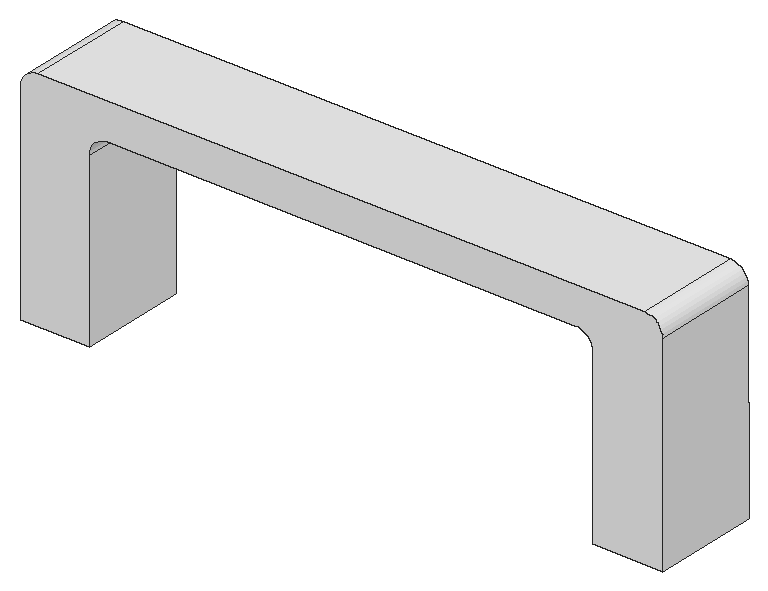
Revit family "Towel Rail-Single-Dorf Motif", category Specialty Equipment, host Face, Revit 2013
Parameters (values of type "Single Towel Rail-180mm")
  URL = "http://www.dorf.com.au/"
  Type Comments = if(Size = 1, "Dorf Motif Single Towel Rail 180mm", if(Size = 2, "Dorf Motif Single Towel Rail 350mm", "Dorf Motif Single Towel Rail 700mm"))  # "Dorf Motif Single Towel Rail 180mm"
  Size = 1
  ModifiedIssue_ANZRS = 2013.1  # constant formula
  Model = if(Size = 1, "2389.04", if(Size = 2, "2390.04", "2391.04"))  # "2389.04"
  Material_ANZRS = Metal-Chrome-Caroma
  Manufacturer = "GWA Bathrooms & Kitchens"  # constant formula
  Length_ANZRS = if(Size = 1, 160.5 mm, if(Size = 2, 330.5 mm, 680.5 mm))  # 160.5 mm
  Description = ""
  Default Elevation = 900 mm
  CreatedBy_ANZRS = "Design Content"  # constant formula
  CreatedByURL_ANZRS = "www.designcontent.com.au"
  Cost = 0
  Assembly Code = "C1030200"
Types (4, lengths in mm): name | Type Comments | Size | Model | Length_ANZRS
  (no name) | "Dorf Motif Single Towel Rail 180mm" | 1 | "2389.04" | 160.5
  Single Towel Rail-180mm | "Dorf Motif Single Towel Rail 180mm" | 1 | "2389.04" | 160.5
  Single Towel Rail-350mm | "Dorf Motif Single Towel Rail 350mm" | 2 | "2390.04" | 330.5
  Single Towel Rail-700mm | "Dorf Motif Single Towel Rail 700mm" | 3 | "2391.04" | 680.5
Reference planes
  plane 1 "Center (Elevation)": y = 0
  plane 2 "Back": z = 0
  plane 3 "Center (Left/Right)": x = 0
  plane 4 "Left": x = -80.25
  plane 5 "Right": x = 80.25
  plane 6 "Front": z = 63.4
  plane 7 "Top": y = 15
  plane 8 "Bottom": y = -15
Forms (mm)
  Extrusion 1, solid, material "Metal-Chrome-Caroma" <- "Material_ANZRS"
    sketch origin (0, 0, 0) x (1, 0, 0) y (0, 0, 1)
      loop
        line (-90, 0) -> (-70.5, 0) -> (-70.5, 48.1)
        arc (-70.5, 48.1) -> (-69.036, 51.636) -> (-65.5, 53.1) r 5
        line (-65.5, 53.1) -> (65.5, 53.1)
        arc (65.5, 53.1) -> (69.036, 51.636) -> (70.5, 48.1) r 5
        line (70.5, 48.1) -> (70.5, 0) -> (90, 0) -> (90, 58.4)
        arc (90, 58.4) -> (88.536, 61.936) -> (85, 63.4) r 5
        line (85, 63.4) -> (-85, 63.4)
        arc (-85, 63.4) -> (-88.536, 61.936) -> (-90, 58.4) r 5
        line (-90, 58.4) -> (-90, 0)
    from -15 to 15
Dimensions and locks
  "Length_ANZRS": plane 4 "Left" to plane 5 "Right"
  equal spacing: plane 4 "Left", plane 3 "Center (Left/Right)", plane 5 "Right"
  aligned and locked: plane 2 "Back" to host face
  aligned and locked: level to host face
Automatic sketch dimensions
  host sketch curve to host sketch curve = 2438.4 mm  (x2)
  Extrusion 1 sketch curve to level = 0 mm  (x2)
  Extrusion 1 sketch curve to plane 6 "Front" = 0 mm
  Extrusion 1 sketch curve to plane 4 "Left" = 9.75 mm
  Extrusion 1 sketch curve to plane 6 "Front" = 15.3 mm
  Extrusion 1 sketch curve to plane 4 "Left" = 4.75 mm
  plane 4 "Left" to Extrusion 1 sketch curve = 9.75 mm
  Extrusion 1 sketch curve to Extrusion 1 sketch curve = 5 mm
  Extrusion 1 sketch curve to plane 5 "Right" = 14.75 mm
  Extrusion 1 sketch curve to plane 5 "Right" = 9.75 mm
  plane 5 "Right" to Extrusion 1 sketch curve = 4.75 mm
  plane 5 "Right" to Extrusion 1 sketch curve = 9.75 mm
